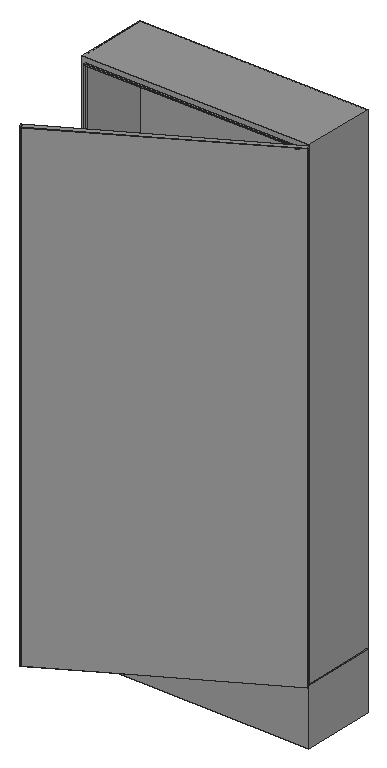
Revit family "Hager-Univers-IP55-D275-H1900-Cl.II-Steel_encl-NoHosted-PL-en", category Equipement électrique, Revit 2020
Family settings
  Configuration du panneau = Deux colonnes, circuits au sein
  Cote de connecteur circulaire = Utiliser le diamètre
  Type d'élément = Tableau de raccordement
  Basée sur le plan de construction = Oui
  Toujours verticalement = Oui
  Couper avec des vides une fois chargée = Non
  Partagée = Non
  Point de calcul de pièce = Non
Parameters (values of type "Floor installation IP55 W800 H1900 D275  - FR13S2")
  Width Control [instance] = if([EF000008 - Width] > Min Width, [EF000008 - Width], Min Width)  # 800 mm
  Commentaires du type = [HG000003 - Range]  # "Univers"
  Thickness Door [instance] = if([EF009171 - Material plate thickness door/cover] > 3 mm, 3 mm, [EF009171 - Material plate thickness door/cover])  # 1.5 mm
  Seal Frame Offset [instance] = 17 mm  # constant formula
  Plinth Visibility [instance] = [HG000027 - Plinth height] > 0 mm  # yes
  Min Width [instance] = 100 mm  # constant formula
  Min Depth [instance] = (2 * [EF009170 - Material plate thickness cabinet]) + 1 mm  # 4 mm
  Min Height [instance] = 100 mm  # constant formula
  Internal Frame Depth [instance] = (Door System Depth * 0.5)  # 9 mm
  Panel Name [instance] = ""  # (empty or 0)
  Model = ""
  HG000027 - Plinth height = 200 mm
  HG000026 - Floor standing = yes
  HG000024 - Bottom section height = 600 mm
  HG000023 - Double section enclosure = no
  HG000016 - Door 3d visibility [instance] = yes
  HG000015 - Clearance visibility [instance] = no
  HG000014 - Door on the right [instance] = yes
  HG000013 - Door on the left [instance] = not([HG000014 - Door on the right])  # no
  HG000012 - Door swing angle [instance] = 30.00°
  HG000010 - Asymmetric doors = no
  HG000009 - Double swing door = no
  HG000006 - Flush mounted = no
  HG000004 - Manufacturer reference = "FR13S2"
  HG000003 - Range = "Univers"
  HG000002 - With door or cover = yes
  Frame Offset Bottom [instance] = 10 mm  # constant formula
  Frame Offset [instance] = 15 mm  # constant formula
  EF015940 - Cover with overpressure release = no
  EF011959 - Degree of protection (NEMA) = ""
  EF009554 - Number of openings for flange plates = 6
  EF009212 - Cover model = "EV000116 - Closed"
  EF009171 - Material plate thickness door/cover = 1.5 mm
  EF009170 - Material plate thickness cabinet = 1.5 mm
  EF008873 - Nominal current (In) = 800 A
  EF007800 - Suitable for lightning protection = no
  EF006306 - With lock = no
  EF006244 - Transparent cover/door = no
  EF005474 - Degree of protection (IP) = "EV006420 - IP55"
  EF004464 - Type of door = "EV002646 - Single"
  EF004427 - Number of modules = 396
  EF004293 - Impact strength = "EV008784 - IK10"
  EF003532 - Suitable for outdoor use = no
  EF002950 - Width in number of modular spacings = 24
  EF001613 - Circuit integrity = "EV000494 - None"
  EF001596 - Material housing = "EV000179 - Steel"
  EF001131 - Internal depth = 275 mm
  EF001088 - Extension possible = yes
  EF000437 - Number of conduit inlets = 6
  EF000339 - Type of cover = "EV004216 - Door"
  EF000266 - Number of rows = 11
  EF000218 - Built-in depth = 0 mm
  EF000118 - With mounting plate = no
  EF000116 - RAL-number = "7035"
  EF000049 - Depth = 275 mm
  EF000040 - Height = 1900 mm
  EF000008 - Width = 800 mm
  EF000007 - Colour = "EV000270 - Grey"
  EF000003 - Mounting method = "EV012274 - Floor installation"
  Door System Leaf Tolerance [instance] = 1.5 mm  # constant formula
  Door System Depth [instance] = 18 mm  # constant formula
  Door Height [instance] = Height Control - [HG000027 - Plinth height]  # 1700 mm
  Description = ""
  Default Elevation = 1219.2 mm
  Connector Offset [instance] = Height Control / 2  # 950 mm
  Fabricant = "Hager"  # constant formula
  Height Control [instance] = if([EF000040 - Height] > Min Height, [EF000040 - Height], Min Height)  # 1900 mm
  Depth Control [instance] = if([EF000049 - Depth] > Min Depth, [EF000049 - Depth], Min Depth)  # 275 mm
  Bottom Top Plate Trim [instance] = 1.5 mm  # constant formula
  Plinth height Ctrl [instance] = if([HG000027 - Plinth height] > 0 mm, [HG000027 - Plinth height], 12 mm)  # 200 mm
Types (5, lengths in mm): name | Width Control | HG000010 - Asymmetric doors | HG000009 - Double swing door | HG000004 - Manufacturer reference | EF009554 - Number of openings for flange plates | EF004464 - Type of door | EF004427 - Number of modules | EF000437 - Number of conduit inlets | EF000008 - Width
  Floor installation IP55 W1050 H1900 D275  - FR14S2 | 1050 | yes | yes | "FR14S2" | 8 | "EV003602 - Double" | 528 | 8 | 1050
  Floor installation IP55 W1300 H1900 D275  - FR15S2 | 1300 | yes | yes | "FR15S2" | 10 | "EV003602 - Double" | 660 | 10 | 1300
  Floor installation IP55 W300 H1900 D275  - FR11S2 | 300 | no | no | "FR11S2" | 2 | "EV002646 - Single" | 132 | 2 | 300
  Floor installation IP55 W550 H1900 D275  - FR12S2 | 550 | no | no | "FR12S2" | 4 | "EV002646 - Single" | 264 | 4 | 550
  Floor installation IP55 W800 H1900 D275  - FR13S2 | 800 | no | no | "FR13S2" | 6 | "EV002646 - Single" | 396 | 6 | 800
Reference planes
  plane 1 "Center (Front/Back)": y = 0
  plane 2: z = 0
  plane 3 "Center (Left/Right)": x = 0
  plane 4: y = 0
  plane 5: y = 0
  plane 6: z = 0
  plane 7: x = -400
  plane 8: x = 400
  plane 9: x = 398.5
  plane 10: x = -398.5
  plane 11: z = 200
  plane 12: z = 201.5
  plane 13: y = -275
  plane 14: y = -1.5
  plane 15: x = 0
  plane 16: y = -257
  plane 17: y = -273.5
  plane 18: y = -255.5
  plane 19: x = -383.5
  plane 20: x = 383.5
  plane 21: z = 211.5
  plane 22: x = -383
  plane 23: x = 383
  plane 24: z = 200
  plane 25: z = 1900
  plane 26: z = 1900
  plane 27: z = 1883.5
  plane 28: z = 1898.5
Forms (mm)
  Extrusion 1, solid, material "Hager_Steel_RAL7035_Light_Grey", detail levels medium+fine
    sketch origin (-208.679, -4572, 200) x (-1, 0, 0) y (0, -1, 0)
      loop
        line (191.321, -4315) -> (-608.679, -4315) -> (-608.679, -4572) -> (191.321, -4572) -> (191.321, -4315)
    from 0 to 1700
  Extrusion 2, void
    sketch origin (-350.771, -275, 1219.2) x (1, 0, 0) y (0, 0, 1)
      loop
        line (-47.729, 679.3) -> (-47.729, -1017.7) -> (749.271, -1017.7) -> (749.271, 679.3) -> (-47.729, 679.3)
    from -19.5 to -273.5
  Extrusion 3, void
    sketch origin (-290.084, -257, 1219.2) x (1, 0, 0) y (0, 0, 1)
      loop
        line (-93.416, -1007.7) -> (673.584, -1007.7) -> (673.584, 664.3) -> (-93.416, 664.3) -> (-93.416, -1007.7)
    from 0 to -1.5
  Extrusion 4, solid, material "Hager_Steel_RAL7035_Light_Grey", visible <- "Plinth Visibility", detail levels medium+fine
    sketch origin (0, 0, 0) x (1, 0, 0) y (0, 1, 0)
      loop
        line (-400, 0) -> (-400, -257) -> (400, -257) -> (400, 0) -> (-400, 0)
    from 0 to 200 <- "Plinth height Ctrl"
  Extrusion 5, solid, material "Hager_Steel_RAL7035_Light_Grey", detail levels coarse
    sketch origin (0, 0, 0) x (1, 0, 0) y (0, 1, 0)
      loop
        line (-400, 0) -> (-400, -275) -> (400, -275) -> (400, 0) -> (-400, 0)
    from 0 to 1900 <- "Height Control"
  Sweep 6, void
    path in 3D
      loop
        line (-400, -257, 200) -> (400, -257, 200) -> (400, 0, 200) -> (-400, 0, 200) -> (-400, -257, 200)
    profile origin (-400, -128.5, 200) x (1, 0, 0) y (0, 0, 1)
      loop
        line (0, 0) -> (0, -1.5) -> (1.5, -1.5)
        arc (1.5, -1.5) -> (1.061, -0.439) -> (0, 0) r 1.5
  Extrusion 7, solid, material "Hager_Steel_RAL7035_Light_Grey", detail levels fine
    sketch origin (-400, -257, 200) x (1, 0, 0) y (0, 0, 1)
      loop
        line (16.5, 11.5) -> (783.5, 11.5) -> (783.5, 1683.5) -> (16.5, 1683.5) -> (16.5, 11.5)
      loop
        line (15, 10) -> (785, 10) -> (785, 1685) -> (15, 1685) -> (15, 10)
    from 0 to 9 <- "Internal Frame Depth"
Cuts and joins
  Extrusion 2, Extrusion 3 cuts Extrusion 1
  Sweep 6 cuts Extrusion 4
Lines and regions (mm)
  Masking region 1
    outline origin (0, 0, 0) x (1, 0, 0) y (0, 1, 0)
      loop
        line (-400, 0) -> (-400, -275) -> (400, -275) -> (400, 0) -> (-400, 0)
  Masking region 2, detail levels coarse
    outline origin (-290.084, -257, 1219.2) x (-1, 0, 0) y (0, 0, 1)
      loop
        line (-690.084, -1219.2) -> (109.916, -1219.2) -> (109.916, 680.8) -> (-690.084, 680.8) -> (-690.084, -1219.2)
  Masking region 3, detail levels coarse
    outline origin (0, 0, 0) x (0, 1, 0) y (0, 0, 1)
      loop
        line (0, 0) -> (0, 1900) -> (-275, 1900) -> (-275, 0) -> (0, 0)
  Masking region 4, visible <- "Plinth Visibility", detail levels medium+fine
    outline origin (0, 0, 0) x (0, 1, 0) y (0, 0, 1)
      loop
        line (-1.5, 200) -> (-255.5, 200)
        arc (-255.5, 200) -> (-255.939, 198.939) -> (-257, 198.5) r 1.5
        line (-257, 198.5) -> (-257, 0) -> (0, 0) -> (0, 198.5)
        arc (0, 198.5) -> (-1.061, 198.939) -> (-1.5, 200) r 1.5
  Masking region 5, detail levels medium+fine
    outline origin (0, 0, 594.038) x (0, 1, 0) y (0, 0, 1)
      loop
        line (0, -394.038) -> (0, 1305.962) -> (-257, 1305.962) -> (-257, -394.038) -> (0, -394.038)
  Masking region 6, detail levels medium+fine
    outline origin (-359.7, -257, 1211.883) x (-1, 0, 0) y (0, 0, 1)
      loop
        line (-759.7, -1011.883) -> (40.3, -1011.883) -> (40.3, 688.117) -> (-759.7, 688.117) -> (-759.7, -1011.883)
  Masking region 7, visible <- "Plinth Visibility", detail levels medium+fine
    outline origin (-320.334, -257, 1041.368) x (-1, 0, 0) y (0, 0, 1)
      loop
        line (-720.334, -1041.368) -> (79.666, -1041.368) -> (79.666, -842.868)
        arc (79.666, -842.868) -> (78.606, -842.429) -> (78.166, -841.368) r 1.5
        line (78.166, -841.368) -> (-718.834, -841.368)
        arc (-718.834, -841.368) -> (-719.273, -842.429) -> (-720.334, -842.868) r 1.5
        line (-720.334, -842.868) -> (-720.334, -1041.368)
  sketch lines
    curve 1: line (-400, 0, 200) -> (-400, -257, 200)
    curve 2: line (-400, -257, 200) -> (400, -257, 200)
    curve 3: line (400, 0, 200) -> (-400, 0, 200)
    curve 4: line (400, -257, 200) -> (400, 0, 200)
Dimensions and locks
  locked: plane 1 "Center (Front/Back)" to plane 5
  "EF009170 - Material plate thickness cabinet": plane 7 to plane 10
  "EF009170 - Material plate thickness cabinet": plane 8 to plane 9
  equal spacing: plane 7, plane 3 "Center (Left/Right)", plane 8
  "Width Control": plane 7 to plane 8
  "Depth Control": plane 4 to plane 13
  "EF009170 - Material plate thickness cabinet": plane 4 to plane 14
  "Height Control": plane 25 to level
  "HG000027 - Plinth height": plane 11 to level
  "EF009170 - Material plate thickness cabinet": plane 12 to plane 11
  "EF009170 - Material plate thickness cabinet": plane 17 to plane 13
  "EF009170 - Material plate thickness cabinet": plane 18 to plane 16
  "Frame Offset Bottom": plane 21 to plane 12
  "Frame Offset": plane 10 to plane 19
  "Frame Offset": plane 9 to plane 20
  "Door System Depth": plane 16 to plane 13
  "Seal Frame Offset": plane 7 to plane 22
  "Seal Frame Offset": plane 8 to plane 23
  "EF009170 - Material plate thickness cabinet": plane 26 to plane 28
  "Frame Offset": plane 28 to plane 27
  "Connector Offset": plane 2 to connector elem
  "Bottom Top Plate Trim": profile plane to Sweep 6 sketch curve
  "Bottom Top Plate Trim": Sweep 6 sketch curve to Sweep 6 sketch curve
  "Plinth height Ctrl": Masking region 4 sketch curve to level
  "Plinth height Ctrl": Masking region 7 sketch curve to level
  "Thickness Door": Extrusion 7 sketch curve to Extrusion 7 sketch curve  (x4)
  "Bottom Top Plate Trim": radius of Sweep 6 sketch curve
  "Bottom Top Plate Trim": radius of Masking region 4 sketch curve  (x2)
  "Bottom Top Plate Trim": radius of Masking region 7 sketch curve  (x2)
  aligned and locked: Extrusion 2 sketch curve to plane 12
  aligned and locked: Extrusion 2 sketch curve to plane 9
  aligned and locked: Extrusion 2 sketch curve to plane 10
  aligned and locked: Extrusion 2 to plane 14
  aligned and locked: Extrusion 1 sketch curve to plane 4
  aligned and locked: plane 8 to Extrusion 1 sketch curve
  aligned and locked: plane 7 to Extrusion 1 sketch curve
  aligned and locked: Extrusion 2 to plane 18
  aligned and locked: Extrusion 3 sketch curve to plane 19
  aligned and locked: plane 20 to Extrusion 3 sketch curve
  aligned and locked: Extrusion 3 to Extrusion 2
  aligned and locked: Extrusion 3 sketch curve to plane 21
  aligned and locked: plane 3 "Center (Left/Right)" to nested 1
  aligned and locked: Extrusion 1 sketch curve to plane 16
  aligned and locked: Extrusion 4 sketch curve to cut or joined group of Extrusion 1, Extrusion 2, Extrusion 3
  aligned and locked: Masking region 1 sketch curve to plane 7
  aligned and locked: Masking region 1 sketch curve to plane 5
  aligned and locked: Masking region 1 sketch curve to plane 8
  aligned and locked: Masking region 2 sketch curve to level
  aligned and locked: level to Masking region 3 sketch curve
  aligned and locked: plane 1 "Center (Front/Back)" to Masking region 3 sketch curve
  aligned and locked: plane 13 to Masking region 3 sketch curve
  aligned and locked: plane 5 to Masking region 4 sketch curve
  aligned and locked: Masking region 2 sketch curve to plane 8
  aligned and locked: Masking region 2 sketch curve to plane 7
  aligned and locked: plane 7 to nested 2
  aligned and locked: nested 2 to plane 5
  aligned and locked: plane 5 to Masking region 5 sketch curve
  aligned and locked: plane 26 to Masking region 5 sketch curve
  aligned and locked: Extrusion 5 sketch curve to plane 8
  aligned and locked: Extrusion 5 sketch curve to plane 7
  aligned and locked: Extrusion 5 sketch curve to plane 5
  aligned and locked: Extrusion 3 sketch curve to plane 27
  aligned and locked: Extrusion 2 sketch curve to plane 28
  aligned and locked: Masking region 2 to plane 25
  aligned and locked: Extrusion 4 to plane 16
  aligned and locked: profile plane to Sweep 6 sketch curve
  aligned and locked: Masking region 5 sketch curve to plane 24
  aligned and locked: level to Masking region 4 sketch curve
  aligned and locked: Masking region 1 to plane 13
  aligned and locked: nested 1 to plane 16
  aligned and locked: Masking region 3 to plane 25
  aligned and locked: plane 16 to Masking region 4 sketch curve
  aligned and locked: Masking region 5 sketch curve to plane 16
  aligned and locked: plane 24 to plane 11
  aligned and locked: plane 26 to plane 25
  aligned and locked: plane 26 to cut or joined group of Extrusion 1, Extrusion 2, Extrusion 3
  aligned and locked: nested 1 to plane 24
  aligned and locked: Extrusion 1 to Extrusion 3
  aligned and locked: Masking region 6 sketch curve to plane 8
  aligned and locked: Masking region 6 sketch curve to plane 24
  aligned and locked: Masking region 6 sketch curve to plane 7
  aligned and locked: Masking region 6 sketch curve to plane 26
  aligned and locked: Masking region 7 sketch curve to plane 7
  aligned and locked: level to Masking region 7 sketch curve
  aligned and locked: Masking region 7 sketch curve to plane 8
  aligned and locked: Extrusion 7 sketch curve to cut or joined group of Extrusion 1, Extrusion 2, Extrusion 3  (x4)
Automatic sketch dimensions
  plane 19 to Extrusion 3 sketch curve = 0 mm
  Extrusion 3 sketch curve to plane 20 = 0 mm
  Extrusion 3 sketch curve to plane 21 = 0 mm
  Extrusion 4 sketch curve to plane 7 = 0 mm
  Extrusion 4 sketch curve to plane 8 = 0 mm
  Extrusion 4 sketch curve to plane 16 = 0 mm
  Masking region 1 sketch curve to plane 13 = 0 mm
  Masking region 2 sketch curve to plane 25 = 0 mm
  Masking region 3 sketch curve to plane 25 = 0 mm
  Extrusion 5 sketch curve to plane 13 = 0 mm
  profile plane to Sweep 6 sketch curve = 0 mm
Nested families
  nested 1: "EC000058_Univers_Door" at (0, -257, 200), Double <- "HG000009 - Double swing door", Transparent <- "EF006244 - Transparent cover/door", Angle <- "HG000012 - Door swing angle", Door_Right <- "HG000014 - Door on the right", Assymetrical <- "HG000010 - Asymmetric doors", Door <- "HG000002 - With door or cover", Width_Ctrl <- "Width Control", 3d_Door <- "HG000016 - Door 3d visibility", Clearance <- "HG000015 - Clearance visibility", Door_Left <- "HG000013 - Door on the left", Width <- "Width Control", Door_Depth <- "Door System Depth", Leaf_Tolerance <- "Door System Leaf Tolerance", Height <- "Door Height", Lock_Visibility <- "EF006306 - With lock", Thickness <- "Thickness Door", type "EC000058_Univers_Door", detail levels medium+fine
    with min_wh 4 mm, Width_Ctrl 800 mm, Width 800 mm, Transparent no, Thickness 1.5 mm, Seal_Material Hager_Rubber, Lock_Visibility no, Lock_Material Hager_Plastic_RAL9005_Jet_Black, Leaf_Width 800 mm, Leaf_Tolerance_External_Sides 0 mm, Leaf_Tolerance 1.5 mm, Leaf_Offset 0 mm, Leaf_Height 1697 mm, Leaf_2_Width 800 mm, Leaf_2_Offset 400 mm, Leaf_1_Width 800 mm, Leaf_1_Offset 400 mm, Height_Ctrl 1700 mm, Height 1700 mm, Glass_Material Hager_Glass, Double_Clearance_Ctrl no, Double no, Door_Right_Ctrl yes, Door_Right yes, Door_Material Hager_Steel_RAL7035_Light_Grey, Door_Left_Ctrl no, Door_Left no, Door_Depth 18 mm, Door yes, Clearance_Material Hager_Clearance, Clearance_Depth 800 mm, Clearance_Ctrl no, Clearance no, Assymetrical no, Angle 30.00°, 3d_Door yes
  nested 2: "Hager_Enclosure_Symbol" at (-400, 0, 0), Height <- "Depth Control", Width <- "Width Control", type "Hager_Enclosure_Symbol"
    with Width_Ctrl 800 mm, Width 800 mm, Height_Ctrl 275 mm, Height 275 mm, A_Width_Int 18.047 mm, A_Width 216.562 mm, A_Height_Ctrl 240.625 mm, A_Height 240.625 mm
Connectors
  electrical at (0, 0, 950)
    settings: on plane 1 "Center (Front/Back)", index 1, voltage 0 V, apparent load 0 VA, apparent load phase1 0 VA, apparent load phase2 0 VA, apparent load phase3 0 VA, power factor 1, load classification "Other", number of poles 1, system type 30, power factor state 1, is connector primary yes, connector utility no, sub classification motor no, connector description ""
Definition of nested family "EC000058_Univers_Door"
  Parameters (values of type "EC000058_Univers_Door")
    min_wh [instance] = (2 * Thickness) + 1 mm  # 11 mm
    Width_Ctrl [instance] = 400 mm
    Width [instance] = 500 mm
    Transparent [instance] = yes
    Thickness [instance] = 5 mm
    Seal_Material [instance] = none
    Lock_Visibility [instance] = yes
    Lock_Material [instance] = none
    Leaf_Width [instance] = if((Width_Ctrl - 2 * Leaf_Tolerance_External_Sides) > 0 mm, (Width_Ctrl - 2 * Leaf_Tolerance_External_Sides), min_wh)  # 400 mm
    Leaf_Tolerance_External_Sides [instance] = 0 mm  # constant formula
    Leaf_Tolerance [instance] = 1.5 mm
    Leaf_Offset [instance] = 0 mm  # constant formula
    Leaf_Height [instance] = if((Height_Ctrl - 2 * Leaf_Tolerance) > 0 mm, (Height_Ctrl - 2 * Leaf_Tolerance), min_wh)  # 497 mm
    Leaf_2_Width [instance] = if(and(and(Double, Assymetrical), Door_Left), (Leaf_Width / 3) - (Leaf_Tolerance / 2), if(and(and(Double, Assymetrical), Door_Right), (Leaf_Width / 3) * 2 - (Leaf_Tolerance / 2), if(and(Double, not(Assymetrical)), (Leaf_Width / 2) - Leaf_Tolerance, Leaf_Width)))  # 400 mm
    Leaf_2_Offset [instance] = if(and(Double, Assymetrical), Leaf_2_Width / 2, if(and(Double, not(Assymetrical)), Leaf_Width / 4, Leaf_Width / 2))  # 200 mm
    Leaf_1_Width [instance] = if(and(and(Double, Assymetrical), Door_Right), (Leaf_Width / 3) - (Leaf_Tolerance / 2), if(and(and(Double, Assymetrical), Door_Left), (Width / 3) * 2 - (Leaf_Tolerance / 2), if(and(Double, not(Assymetrical)), (Leaf_Width / 2) - Leaf_Tolerance, Leaf_Width)))  # 400 mm
    Leaf_1_Offset [instance] = if(and(Double, Assymetrical), Leaf_1_Width / 2, if(and(Double, not(Assymetrical)), Leaf_Width / 4, Leaf_Width / 2))  # 200 mm
    Height_Ctrl [instance] = if(Height > min_wh, Height, min_wh)  # 500 mm
    Height [instance] = 500 mm
    Glass_Material [instance] = none
    Double_Clearance_Ctrl [instance] = and(Double, Clearance)  # no
    Double [instance] = no
    Door_Right_Ctrl [instance] = and(or(Door_Right, Double), Door)  # yes
    Door_Right [instance] = yes
    Door_Material [instance] = none
    Door_Left_Ctrl [instance] = and(or(Door_Left, Double), Door)  # no
    Door_Left [instance] = no
    Door_Depth [instance] = 30 mm
    Door [instance] = yes
    Default Elevation = 1219.2 mm
    Clearance_Material [instance] = none
    Clearance_Depth [instance] = if(Leaf_1_Width > Leaf_2_Width, Leaf_1_Width, Leaf_2_Width)  # 400 mm
    Clearance_Ctrl [instance] = and(not(Double), Clearance)  # yes
    Clearance [instance] = yes
    Assymetrical [instance] = yes
    Angle [instance] = 30.00°
    3d_Door [instance] = yes
  Reference planes
    plane 1 "Center (Front/Back)": y = 0
    plane 2 "Bottom": z = 0
    plane 3 "Center (Left/Right)": x = 0
    plane 4: z = 500
    plane 5: x = -200
    plane 6: x = 200
    plane 7: z = 500
    plane 8: x = -200
    plane 9: z = 0
    plane 10: x = 200
    plane 11: y = 0
    plane 12: z = 1.5
    plane 13: x = -600
    plane 14: y = -400
    plane 15: x = 600
    plane 16: x = 0
    plane 17: x = 0
    plane 18: x = -200
    plane 19: x = 200
    plane 20: z = 498.5
  Forms (mm)
    Extrusion 1, solid, material <- "Clearance_Material", visible <- "Double_Clearance_Ctrl"
      sketch origin (1200, 0, 0) x (1, 0, 0) y (0, 0, -1)
        loop
          line (-1800, -498.5) -> (-600, -498.5) -> (-600, 0) -> (-1800, 0) -> (-1800, -498.5)
      from 0 to -400
  Dimensions and locks
    equal spacing: plane 5, plane 3 "Center (Left/Right)", plane 6
    "Width_Ctrl": plane 5 to plane 6
    "Leaf_Offset": plane 5 to plane 8
    "Leaf_Offset": plane 6 to plane 10
    "Leaf_Offset": plane 9 to level
    "Leaf_Offset": plane 4 to plane 7
    "Height_Ctrl": plane 4 to level
    "Leaf_Tolerance": plane 12 to plane 9
    locked: plane 11 to plane 1 "Center (Front/Back)"
    "Leaf_1_Offset": plane 18 to plane 16
    "Leaf_2_Offset": plane 17 to plane 19
    "Leaf_1_Width": plane 13 to plane 8
    "Leaf_2_Width": plane 10 to plane 15
    "Clearance_Depth": plane 14 to plane 1 "Center (Front/Back)"
    "Leaf_Tolerance_External_Sides": plane 8 to plane 18
    "Leaf_Tolerance_External_Sides": plane 19 to plane 10
    "Leaf_Tolerance": plane 7 to plane 20
    aligned and locked: level to plane 2 "Bottom"
    aligned and locked: nested 1 to plane 16
    aligned and locked: nested 2 to plane 17
    aligned and locked: Extrusion 1 to plane 13
    aligned and locked: plane 15 to Extrusion 1
    aligned and locked: Extrusion 1 to plane 14
    aligned and locked: plane 12 to nested 1
    aligned and locked: nested 2 to plane 12
    aligned and locked: Extrusion 1 to plane 11
    aligned and locked: plane 20 to Extrusion 1
    aligned and locked: nested 2 to plane 11
    aligned and locked: nested 1 to plane 11
  Automatic sketch dimensions
    Extrusion 1 sketch curve to level = 0 mm
    plane 5 to Extrusion 1 sketch curve = 400 mm
    plane 6 to Extrusion 1 sketch curve = 400 mm
    Extrusion 1 sketch curve to plane 4 = 1.5 mm
  Nested families
    nested 1: "EC000058_Univers_Door_Leaf" at (0, 0, 1.5), Width <- "Leaf_1_Width", visible <- "Door_Left_Ctrl", Leaf_Height <- "Leaf_Height", Angle <- "Angle", 3d_Door <- "3d_Door", Transparent <- "Transparent", Clearance Material <- "Clearance_Material", Clearance <- "Clearance_Ctrl", Door_Material <- "Door_Material", Glass_Material <- "Glass_Material", Door_Depth <- "Door_Depth", Lock_Material <- "Lock_Material", Seal_Material <- "Seal_Material", Lock_Visibility <- "Lock_Visibility", Thickness <- "Thickness", type "EC000058_Univers_Door_Leaf"
      with Width 400 mm, Transparent_Glass_Offset 30 mm, Transparent_Ctrl yes, Transparent yes, Thickness 5 mm, Standard no, Seal_Material none, Seal_D2 8 mm, Seal_D1 1 mm, Offset_Internal_Frame 10 mm, Lock_Width 20 mm, Lock_Visibility_3d yes, Lock_Visibility yes, Lock_Thickness_3 3 mm, Lock_Thickness_2 1 mm, Lock_Thickness_1 3 mm, Lock_Radius_Offset_2 16 mm, Lock_Radius_Offset_1 15 mm, Lock_Radius_2 5 mm, Lock_Radius 6 mm, Lock_Offset 5 mm, Lock_Material none, Lock_Height 80 mm, Lock_Cover_Top_Offset_2d 17 mm, Lock_Cover_Height -65 mm, Leaf_Height 497 mm, Internal_Seal_Thickness 8 mm, Internal_Seal_Depth_2 4.5 mm, Internal_Frame_Depth 25 mm, Glass_Thickness -1 mm, Glass_Offset -2 mm, Glass_Material none, Door_Material none, Door_Depth 30 mm, Clearance Material none, Clearance yes, Angle_Ctrl 30.00°, Angle 30.00°, 3d_Door yes
    nested 2: "EC000058_Univers_Door_Leaf" at (0, 0, 1.5) x (-1, 0, 0) z (0, 0, 1), Width <- "Leaf_2_Width", visible <- "Door_Right_Ctrl", Leaf_Height <- "Leaf_Height", Angle <- "Angle", 3d_Door <- "3d_Door", Transparent <- "Transparent", Clearance Material <- "Clearance_Material", Clearance <- "Clearance_Ctrl", Door_Material <- "Door_Material", Glass_Material <- "Glass_Material", Door_Depth <- "Door_Depth", Lock_Material <- "Lock_Material", Seal_Material <- "Seal_Material", Lock_Visibility <- "Lock_Visibility", Thickness <- "Thickness", type "EC000058_Univers_Door_Leaf"
      with Width 400 mm, Transparent_Glass_Offset 30 mm, Transparent_Ctrl yes, Transparent yes, Thickness 5 mm, Standard no, Seal_Material none, Seal_D2 8 mm, Seal_D1 1 mm, Offset_Internal_Frame 10 mm, Lock_Width 20 mm, Lock_Visibility_3d yes, Lock_Visibility yes, Lock_Thickness_3 3 mm, Lock_Thickness_2 1 mm, Lock_Thickness_1 3 mm, Lock_Radius_Offset_2 16 mm, Lock_Radius_Offset_1 15 mm, Lock_Radius_2 5 mm, Lock_Radius 6 mm, Lock_Offset 5 mm, Lock_Material none, Lock_Height 80 mm, Lock_Cover_Top_Offset_2d 17 mm, Lock_Cover_Height -65 mm, Leaf_Height 497 mm, Internal_Seal_Thickness 8 mm, Internal_Seal_Depth_2 4.5 mm, Internal_Frame_Depth 25 mm, Glass_Thickness -1 mm, Glass_Offset -2 mm, Glass_Material none, Door_Material none, Door_Depth 30 mm, Clearance Material none, Clearance yes, Angle_Ctrl 30.00°, Angle 30.00°, 3d_Door yes
  Definition of nested family "EC000058_Univers_Door_Leaf"
    Parameters (values of type "EC000058_Univers_Door_Leaf")
      Width [instance] = 2000 mm
      Transparent_Glass_Offset [instance] = 30 mm
      Transparent_Ctrl [instance] = and(Transparent, [3d_Door])  # yes
      Transparent [instance] = yes
      Thickness [instance] = 5 mm
      Standard [instance] = and(not(Transparent), [3d_Door])  # no
      Seal_Material [instance] = none
      Seal_D2 [instance] = 8 mm  # constant formula
      Seal_D1 [instance] = 1 mm  # constant formula
      Offset_Internal_Frame [instance] = 10 mm  # constant formula
      Lock_Width [instance] = 20 mm  # constant formula
      Lock_Visibility_3d [instance] = and(Lock_Visibility, [3d_Door])  # yes
      Lock_Visibility [instance] = yes
      Lock_Thickness_3 [instance] = 3 mm  # constant formula
      Lock_Thickness_2 [instance] = 1 mm  # constant formula
      Lock_Thickness_1 [instance] = 3 mm  # constant formula
      Lock_Radius_Offset_2 [instance] = Lock_Radius_Offset_1 + 1 mm  # 16 mm
      Lock_Radius_Offset_1 [instance] = 15 mm  # constant formula
      Lock_Radius_2 [instance] = Lock_Radius - 1 mm  # 5 mm
      Lock_Radius [instance] = 6 mm  # constant formula
      Lock_Offset [instance] = 5 mm  # constant formula
      Lock_Material [instance] = none
      Lock_Height [instance] = 80 mm  # constant formula
      Lock_Cover_Top_Offset_2d [instance] = Lock_Radius_Offset_2 + 1 mm  # 17 mm
      Lock_Cover_Height [instance] = -(Lock_Height - Lock_Radius_Offset_1)  # -65 mm
      Leaf_Height [instance] = 2720.336 mm
      Internal_Seal_Thickness [instance] = 8 mm  # constant formula
      Internal_Seal_Depth_2 [instance] = 4.5 mm  # constant formula
      Internal_Frame_Depth [instance] = if(Door_Depth - Thickness > 5 mm, Door_Depth - Thickness, 5 mm)  # 25 mm
      Glass_Thickness [instance] = if(Thickness > 15 mm, Glass_Offset + 10 mm, -1 mm)  # -1 mm
      Glass_Offset [instance] = if(Thickness > 15 mm, -(Thickness + 10 mm) / 2, -2 mm)  # -2 mm
      Glass_Material [instance] = none
      Door_Material [instance] = none
      Door_Depth [instance] = 30 mm
      Default Elevation = 0 mm
      Clearance Material [instance] = none
      Clearance [instance] = yes
      Angle_Ctrl [instance] = if(Angle > 180.00°, 180.00°, Angle)  # 90.00°
      Angle [instance] = 90.00°
      3d_Door [instance] = yes
    Reference planes
      plane 1 "Center (Front/Back)": y = 0
      plane 2: z = 0
      plane 3 "Center (Left/Right)": x = 0
      plane 4: y = 2000
      plane 5: x = -1000
      plane 6: x = 1000
      plane 7: x = -3000
      plane 8: z = 2720.336
      plane 9: z = 30
      plane 10: z = 2690.336
      plane 11: x = 970
      plane 12: x = -970
      plane 13: y = -3
      plane 14: z = 107.833
      plane 15: y = -5
      plane 16: y = -223.314
      plane 17: x = -1000
      plane 18: z = 1360.168
      plane 19: y = 30
    Forms (mm)
      Extrusion 1, solid, material <- "Clearance Material", visible <- "Clearance"
        sketch origin (0, 0, 0) x (1, 0, 0) y (0, 0, 1)
          loop
            line (-3000, 2720.336) -> (-3000, 0) -> (1000, 0) -> (1000, 2720.336) -> (-3000, 2720.336)
        from 0 to -2000
      Extrusion 2, solid, material <- "Door_Material", visible <- "Standard", detail levels medium+fine
        sketch origin (-1000, 0, 0) x (0, 1, 0) y (-1, 0, 0)
          loop
            line (0, 30) -> (0, 25) -> (2000, 25) -> (2000, 30) -> (0, 30)
        from 0 to 2720.336 <- "Leaf_Height"
      Extrusion 3, solid, material <- "Door_Material", visible <- "Transparent_Ctrl", detail levels medium+fine
        sketch origin (-1000, 0, 0) x (0, 1, 0) y (-1, 0, 0)
          loop
            line (0, 25) -> (2000, 25) -> (2000, 30) -> (0, 30) -> (0, 25)
        from 0 to 2720.336 <- "Leaf_Height"
      Extrusion 4, void
        sketch origin (-1025, 2000, 0) x (0, 1, 0) y (0, 0, -1)
          loop
            line (-30, -2690.336) -> (-30, -30) -> (-1970, -30) -> (-1970, -2690.336) -> (-30, -2690.336)
        from 0 to 5 <- "Thickness"
      Sweep 5, solid, material <- "Seal_Material", visible <- "Transparent_Ctrl", detail levels fine
        path in 3D
          loop
            line (-1025, 30, 30) -> (-1025, 30, 2690.336) -> (-1025, 1970, 2690.336) -> (-1025, 1970, 30) -> (-1025, 30, 30)
        profile origin (-1025, 1000, 30) x (1, 0, 0) y (0, 0, 1)
          loop
            line (0, 0) -> (0, -8) -> (1, -8) -> (1, 0) -> (0, 0)
      Extrusion 6, solid, material <- "Glass_Material", visible <- "Transparent_Ctrl", detail levels medium+fine
        sketch origin (-1030, 0, 0) x (0, 1, 0) y (0, 0, -1)
          loop
            line (1970, -2690.336) -> (1970, -30) -> (30, -30) -> (30, -2690.336) -> (1970, -2690.336)
        from -2 <- "Glass_Offset" to -1 <- "Glass_Thickness"
      Extrusion 7, solid, material <- "Door_Material", visible <- "3d_Door", detail levels medium+fine
        sketch origin (-1025, 2000, 0) x (0, -1, 0) y (0, 0, -1)
          loop
            line (0, -2720.336) -> (2000, -2720.336) -> (2000, 0) -> (0, 0) -> (0, -2720.336)
          loop
            line (1995, -5) -> (5, -5) -> (5, -2715.336) -> (1995, -2715.336) -> (1995, -5)
        from 0 to 25 <- "Internal_Frame_Depth"
      Sweep 8, solid, material <- "Seal_Material", visible <- "Transparent_Ctrl", detail levels fine
        path in 3D
          loop
            line (-1025, 0, 0) -> (-1025, 2000, 0) -> (-1025, 2000, 2720.336) -> (-1025, 0, 2720.336) -> (-1025, 0, 0)
        profile origin (-1025, 0, 1360.168) x (1, 0, 0) y (0, 1, 0)
          loop
            line (0, 10) -> (2.975, 10)
            arc (2.975, 10) -> (4.053, 10.447) -> (4.5, 11.525) r 1.525
            line (4.5, 11.525) -> (4.5, 16.527)
            arc (4.5, 16.527) -> (4.069, 17.569) -> (3.027, 18) r 1.473
            line (3.027, 18) -> (0, 18) -> (0, 10)
      Extrusion 9, solid, material <- "Lock_Material", visible <- "Lock_Visibility_3d", detail levels fine
        sketch origin (-1030, 0, 0) x (0, 1, 0) y (0, 0, -1)
          loop
            arc (1993.5, -1400.168) -> (1994.561, -1399.729) -> (1995, -1398.668) r 1.5
            line (1995, -1398.668) -> (1995, -1320.168) -> (1975, -1320.168) -> (1975, -1398.668)
            arc (1975, -1398.668) -> (1975.439, -1399.729) -> (1976.5, -1400.168) r 1.5
            line (1976.5, -1400.168) -> (1993.5, -1400.168)
        from 3 <- "Lock_Thickness_1" to 0
      Blend 10, solid, material <- "Lock_Material", visible <- "Lock_Visibility_3d", detail levels fine
        base sketch origin (-1033, 0, 0) x (0, 1, 0) y (0, 0, -1)
          loop
            line (1975, -1320.168) -> (1975, -1398.668)
            arc (1975, -1398.668) -> (1975.439, -1399.729) -> (1976.5, -1400.168) r 1.5
            line (1976.5, -1400.168) -> (1993.5, -1400.168)
            arc (1993.5, -1400.168) -> (1994.561, -1399.729) -> (1995, -1398.668) r 1.5
            line (1995, -1398.668) -> (1995, -1320.168) -> (1975, -1320.168)
        top sketch origin (-1033, 0, 0) x (0, 1, 0) y (0, 0, -1)
          loop
            line (1976, -1320.168) -> (1976, -1398.668)
            arc (1976, -1398.668) -> (1976.146, -1399.022) -> (1976.5, -1399.168) r 0.5
            line (1976.5, -1399.168) -> (1993.5, -1399.168)
            arc (1993.5, -1399.168) -> (1993.854, -1399.022) -> (1994, -1398.668) r 0.5
            line (1994, -1398.668) -> (1994, -1320.168) -> (1976, -1320.168)
        from 0 to 1 <- "Lock_Thickness_2"
      Blend 11, solid, material <- "Lock_Material", visible <- "Lock_Visibility_3d", detail levels fine
        base sketch origin (-1034, 0, 0) x (0, 1, 0) y (0, 0, -1)
          loop
            line (1978, -1320.168) -> (1978, -1384.168)
            arc (1978, -1384.168) -> (1985, -1391.168) -> (1992, -1384.168) r 7
            line (1992, -1384.168) -> (1992, -1320.168) -> (1978, -1320.168)
        top sketch origin (-1034, 0, 0) x (0, 1, 0) y (0, 0, -1)
          loop
            line (1991, -1320.168) -> (1979, -1320.168) -> (1979, -1383.168)
            arc (1979, -1383.168) -> (1985, -1389.168) -> (1991, -1383.168) r 6
            line (1991, -1383.168) -> (1991, -1320.168)
        from 0 to 3 <- "Lock_Thickness_3"
      Extrusion 12, solid, material <- "Lock_Material", visible <- "Lock_Visibility_3d", detail levels fine
        sketch origin (-1030, 1975, 1320.168) x (1, 0, 0) y (0, -1, 0)
          loop
            line (-7, -19) -> (-7, -1) -> (0, -1) -> (0, 0) -> (-8, 0) -> (-8, -20) -> (0, -20) -> (0, -19) -> (-7, -19)
        from 0 to -65 <- "Lock_Cover_Height"
      Extrusion 13, void
        sketch origin (-1038, 1995, 1320.168) x (-1, 0, 0) y (0, 0, -1)
          loop
            line (-5, -65) -> (0, -65) -> (-5, -60) -> (-5, -65)
        from 0 to 20 <- "Lock_Width"
      Extrusion 14, void
        sketch origin (-1038, 1975, 1320.168) x (0, -1, 0) y (0, 0, -1)
          loop
            circle (-10, -15.995) r 6
          loop
            circle (-10, -15.995) r 5
        from 0 to 2
      Extrusion 15, solid, material <- "Lock_Material", visible <- "Lock_Visibility_3d", detail levels medium
        sketch origin (-1030, 0, 0) x (0, 1, 0) y (0, 0, -1)
          loop
            arc (1993.5, -1400.168) -> (1994.561, -1399.729) -> (1995, -1398.668) r 1.5
            line (1995, -1398.668) -> (1995, -1320.168) -> (1975, -1320.168) -> (1975, -1398.668)
            arc (1975, -1398.668) -> (1975.439, -1399.729) -> (1976.5, -1400.168) r 1.5
            line (1976.5, -1400.168) -> (1993.5, -1400.168)
        from 8 to 0
    Cuts and joins
      Extrusion 4 cuts Extrusion 3
      Extrusion 13, Extrusion 14 cuts Extrusion 9
      Extrusion 14 cuts Blend 11
      Extrusion 13, Extrusion 14 cuts Extrusion 12
      joined: Extrusion 9, Blend 10, Blend 11, Extrusion 12
      Extrusion 14 cuts Extrusion 15
    Lines and regions (mm)
      Masking region 1, visible <- "Lock_Visibility", detail levels fine
        outline origin (0, 0, 0) x (0, 1, 0) y (0, 0, 1)
          loop
            line (30, 1320.168) -> (33, 1320.168) -> (33, 1400.168) -> (30, 1400.168) -> (30, 1320.168)
      Masking region 2, visible <- "Lock_Visibility", detail levels fine
        outline origin (0, 3.143, 0) x (0, 1, 0) y (0, 0, 1)
          loop
            line (29.857, 1354.168) -> (30.857, 1354.168) -> (30.857, 1366.168) -> (29.857, 1366.168) -> (29.857, 1354.168)
      Masking region 3, detail levels medium+fine
        outline origin (0, 0, 0) x (0, 1, 0) y (0, 0, 1)
          loop
            line (0, 0) -> (30, 0) -> (30, 2720.336) -> (0, 2720.336) -> (0, 0)
      Masking region 4, detail levels medium+fine
        outline origin (0, 0, 0) x (1, 0, 0) y (0, 0, 1)
          loop
            line (-1000, 2720.336) -> (-1000, 0) -> (1000, 0) -> (1000, 2720.336) -> (-1000, 2720.336)
      Masking region 5, visible <- "Lock_Visibility", detail levels fine
        outline origin (-47.116, 0, 0) x (1, 0, 0) y (0, 0, 1)
          loop
            arc (1024.616, 1399.168) -> (1023.556, 1398.729) -> (1023.116, 1397.668) r 1.5
            line (1023.116, 1397.668) -> (1023.116, 1320.168) -> (1041.116, 1320.168) -> (1041.116, 1397.668)
            arc (1041.116, 1397.668) -> (1040.677, 1398.729) -> (1039.616, 1399.168) r 1.5
            line (1039.616, 1399.168) -> (1024.616, 1399.168)
      Masking region 6, visible <- "Lock_Visibility", detail levels medium+fine
        outline origin (-25, 0, 0) x (1, 0, 0) y (0, 0, 1)
          loop
            arc (1001.5, 1400.168) -> (1000.439, 1399.729) -> (1000, 1398.668) r 1.5
            line (1000, 1398.668) -> (1000, 1320.168) -> (1020, 1320.168) -> (1020, 1398.668)
            arc (1020, 1398.668) -> (1019.561, 1399.729) -> (1018.5, 1400.168) r 1.5
            line (1018.5, 1400.168) -> (1001.5, 1400.168)
      Masking region 7, visible <- "Lock_Visibility", detail levels fine
        outline origin (-73.735, 0, 0) x (1, 0, 0) y (0, 0, 1)
          loop
            line (1051.735, 1382.168) -> (1065.735, 1382.168) -> (1065.735, 1384.168)
            arc (1065.735, 1384.168) -> (1058.735, 1391.168) -> (1051.735, 1384.168) r 7
            line (1051.735, 1384.168) -> (1051.735, 1382.168)
      Masking region 8, visible <- "Lock_Visibility", detail levels fine
        outline origin (-73.735, 0, 0) x (1, 0, 0) y (0, 0, 1)
          loop
            line (1052.735, 1382.168) -> (1064.735, 1382.168) -> (1064.735, 1383.168)
            arc (1064.735, 1383.168) -> (1058.735, 1389.168) -> (1052.735, 1383.168) r 6
            line (1052.735, 1383.168) -> (1052.735, 1382.168)
      Masking region 9, visible <- "Lock_Visibility", detail levels fine
        outline origin (-25, 0, 0) x (1, 0, 0) y (0, 0, 1)
          loop
            line (1020, 1320.168) -> (1020, 1382.168) -> (1000, 1382.168) -> (1000, 1320.168) -> (1020, 1320.168)
      Masking region 10, detail levels medium+fine
        outline origin (0, 0, 0) x (1, 0, 0) y (0, 0, 1)
          loop
            circle (985, 1335.144) r 6
      Masking region 11, detail levels fine
        outline origin (0, 0, 0) x (1, 0, 0) y (0, 0, 1)
          loop
            circle (985, 1335.144) r 5
      Masking region 12, visible <- "Lock_Visibility", detail levels fine
        outline origin (0, 12.767, 0) x (0, 1, 0) y (0, 0, 1)
          loop
            line (20.233, 1320.168) -> (21.233, 1320.168) -> (21.233, 1399.168) -> (20.233, 1400.168) -> (20.233, 1320.168)
      Masking region 13, visible <- "Lock_Visibility", detail levels fine
        outline origin (0, 13.767, -10) x (0, 1, 0) y (0, 0, 1)
          loop
            line (20.233, 1330.168) -> (23.233, 1330.168) -> (23.233, 1399.168) -> (20.233, 1402.168) -> (20.233, 1330.168)
      Masking region 14, visible <- "Lock_Visibility", detail levels fine
        outline origin (0, 12.767, -10) x (0, 1, 0) y (0, 0, 1)
          loop
            line (20.233, 1330.168) -> (25.233, 1330.168) -> (25.233, 1399.305) -> (20.233, 1394.305) -> (20.233, 1330.168)
      Masking region 15, visible <- "Lock_Visibility", detail levels medium
        outline origin (0, 0, 0) x (0, 1, 0) y (0, 0, 1)
          loop
            line (30, 1320.168) -> (38, 1320.168) -> (38, 1400.168) -> (30, 1400.168) -> (30, 1320.168)
      Masking region 16, visible <- "Lock_Visibility", detail levels fine
        outline origin (-1000, 0, 0) x (0, 1, 0) y (-1, 0, 0)
          loop
            line (1975, 30) -> (1995, 30) -> (1995, 38) -> (1975, 38) -> (1975, 30)
          loop
            line (1979, 37) -> (1976, 37) -> (1976, 34) -> (1978, 34) -> (1979, 37)
          loop
            line (1994, 37) -> (1991, 37) -> (1992, 34) -> (1994, 34) -> (1994, 37)
      Masking region 17, visible <- "Lock_Visibility", detail levels medium
        outline origin (-1000, 0, 0) x (0, 1, 0) y (-1, 0, 0)
          loop
            line (1975, 30) -> (1995, 30) -> (1995, 38) -> (1975, 38) -> (1975, 30)
      symbolic lines
        curve 1: line (1000, 0, 0) -> (-3000, 0, 0)
        curve 2: arc (1000, 0, 0) -> (-1000, 2000, 0) -> (-3000, 0, 0) r 2000
        curve 4: line (-1030, 0, 0) -> (-1030, 2000, 0)
      reference lines
        curve 3: line (-1000, 0, 0) -> (-1000, 2000, 0)
      symbolic lines, detail levels medium+fine
        curve 5: line (-1030, 2000, 0) -> (-1025, 2000, 0)
        curve 7: line (-1025, 0, 0) -> (-1030, 0, 0)
        curve 8: line (-1025, 0, 0) -> (-1000, 0, 0)
        curve 9: line (-1000, 0, 0) -> (-1000, 2000, 0)
        curve 10: line (-1000, 2000, 0) -> (-1025, 2000, 0)
      symbolic lines, detail levels fine
        curve 6: line (-1025, 2000, 0) -> (-1025, 0, 0)
      sketch lines
        curve 11: line (-1025, 0, 2720.336) -> (-1025, 0, 0)
        curve 12: line (-1025, 2000, 0) -> (-1025, 0, 0)
        curve 13: line (-1025, 2000, 2720.336) -> (-1025, 2000, 0)
        curve 14: line (-1025, 0, 2720.336) -> (-1025, 2000, 2720.336)
        curve 15: line (-1025, 1970, 30) -> (-1025, 30, 30)
        curve 16: line (-1025, 30, 30) -> (-1025, 30, 2690.336)
        curve 17: line (-1025, 1970, 2690.336) -> (-1025, 1970, 30)
        curve 18: line (-1025, 30, 2690.336) -> (-1025, 1970, 2690.336)
      symbolic lines, visible <- "Transparent", detail levels medium+fine
        curve 19: line (-970, 0, 2690.336) -> (970, 0, 2690.336)
        curve 20: line (-970, 0, 30) -> (-970, 0, 2690.336)
        curve 21: line (970, 0, 30) -> (-970, 0, 30)
        curve 22: line (970, 0, 2690.336) -> (970, 0, 30)
    Dimensions and locks
      "Width": plane 1 "Center (Front/Back)" to plane 4
      equal spacing: plane 5, plane 3 "Center (Left/Right)", plane 6
      "Width": plane 5 to plane 6
      "Width": plane 7 to plane 5
      "Leaf_Height": plane 8 to level
      "Width": curve 5 to curve 3
      "Width": curve 3 to curve 3
      plane 8 to plane 10 = 30 mm
      plane 9 to level = 30 mm
      plane 12 to plane 5 = 30 mm
      plane 6 to plane 11 = 30 mm
      Extrusion 1 to Extrusion 4 sketch curve = 30 mm
      "Transparent_Glass_Offset": curve 3 to Extrusion 4 sketch curve
      "Transparent_Glass_Offset": Extrusion 4 sketch curve to cut or joined group of Extrusion 3, Extrusion 4  (x2)
      cut or joined group of Extrusion 3, Extrusion 4 to Extrusion 6 sketch curve = 30 mm
      "Transparent_Glass_Offset": cut or joined group of Extrusion 3, Extrusion 4 to Extrusion 4 sketch curve
      "Thickness": curve 6 to curve 4
      "Thickness": Extrusion 7 sketch curve to Extrusion 7 sketch curve  (x4)
      "Door_Depth": curve 4 to curve 3
      "Offset_Internal_Frame": profile plane to Sweep 8 sketch curve
      "Internal_Seal_Thickness": Sweep 8 sketch curve to Sweep 8 sketch curve
      "Internal_Seal_Depth_2": profile plane to Sweep 8 sketch curve
      "Seal_D1": profile plane to Sweep 5 sketch curve
      "Seal_D2": profile plane to Sweep 5 sketch curve
      "Thickness": Extrusion 2 sketch curve to Extrusion 2 sketch curve
      equal spacing: Extrusion 9 sketch curve, plane 18, Extrusion 9 sketch curve  (x2)
      equal spacing: Masking region 1 sketch curve, plane 18, Masking region 1 sketch curve
      "Lock_Height": Masking region 1 sketch curve to Masking region 1 sketch curve
      "Lock_Radius": Masking region 2 sketch curve to plane 18 to Masking region 2 sketch curve
      Masking region 2 sketch curve to Masking region 1 = 1 mm
      "Door_Depth": plane 19 to plane 1 "Center (Front/Back)"
      "Lock_Thickness_1": Masking region 1 sketch curve to plane 19
      "Lock_Width": Extrusion 9 sketch curve to Extrusion 9 sketch curve
      "Lock_Height": Extrusion 9 sketch curve to Extrusion 9 sketch curve
      "Lock_Offset": cut or joined group of Extrusion 3, Extrusion 4 to Extrusion 9 sketch curve
      equal spacing: plane 8, plane 18, level
      "Lock_Radius_Offset_1": Blend 11 sketch curve to Blend 10
      locked: Blend 10 to Blend 11 sketch curve at 2  (x2)
      locked: var sketch to Blend 11 sketch curve at 1  (x2)
      "Lock_Radius_Offset_2": Blend 11 sketch curve to Blend 10
      locked: Extrusion 12 sketch curve to Extrusion 12 sketch curve at 1  (x3)
      Masking region 6 sketch curve to Masking region 6 sketch curve = 80 mm
      "Lock_Height": Masking region 6 sketch curve to Masking region 6 sketch curve
      "Lock_Width": Masking region 6 sketch curve to Masking region 6 sketch curve
      locked: Masking region 6 to Masking region 5 sketch curve at 1  (x3)
      locked: Masking region 5 to Masking region 7 sketch curve at 2  (x2)
      "Lock_Radius_Offset_1": Masking region 5 to Masking region 7 sketch curve
      "Lock_Radius_Offset_2": Masking region 5 to Masking region 8 sketch curve
      locked: Masking region 7 to Masking region 8 sketch curve at 1  (x2)
      "Lock_Cover_Top_Offset_2d": Masking region 5 to Masking region 9 sketch curve
      equal spacing: Masking region 9, Masking region 10 sketch curve, Masking region 9
      equal spacing: Masking region 9, Masking region 11 sketch curve, Masking region 9
      Extrusion 15 sketch curve to Extrusion 15 sketch curve = 80 mm
      "Lock_Width": Extrusion 15 sketch curve to Extrusion 15 sketch curve
      "Lock_Height": Extrusion 15 sketch curve to Extrusion 15 sketch curve
      equal spacing: Extrusion 15 sketch curve, plane 18, Extrusion 15 sketch curve
      "Lock_Thickness_3": Masking region 13 sketch curve to Masking region 13 sketch curve
      "Lock_Height": Masking region 12 sketch curve to Masking region 12 sketch curve
      locked: Masking region 13 sketch curve to Masking region 1 at 8
      locked: Masking region 14 sketch curve to Masking region 13 at 1
      locked: Masking region 14 sketch curve to Masking region 1 at 10.863
      "Lock_Height": Masking region 15 sketch curve to Masking region 15 sketch curve
      "Lock_Offset": Extrusion 15 sketch curve to cut or joined group of Extrusion 3, Extrusion 4
      "Lock_Offset": plane 6 to Masking region 6 sketch curve
      radius of Sweep 8 sketch curve = 1.525 mm
      radius of Sweep 8 sketch curve = 1.473 mm
      radius of Extrusion 9 sketch curve = 1.5 mm  (x2)
      "Lock_Radius": radius of Extrusion 14 sketch curve
      "Lock_Radius_2": radius of Extrusion 14 sketch curve
      "Lock_Radius": radius of Masking region 10 sketch curve
      "Lock_Radius_2": radius of Masking region 11 sketch curve
      radius of Extrusion 15 sketch curve = 1.5 mm  (x2)
      "Angle_Ctrl": angle plane 1 "Center (Front/Back)" to curve 3
      locked: Masking region 12 sketch curve to Masking region 12 sketch curve (angle 45.00°)
      locked: Masking region 13 sketch curve to Masking region 13 sketch curve (angle 45.00°)
      locked: Masking region 14 sketch curve to Masking region 14 sketch curve (angle 45.00°)
      aligned and locked: level to plane 2
      aligned and locked: Extrusion 1 to curve 1
      aligned and locked: plane 6 to Extrusion 1
      aligned and locked: Extrusion 1 to plane 1 "Center (Front/Back)"
      aligned and locked: plane 4 to Extrusion 1
      aligned and locked: plane 8 to Extrusion 1
      aligned and locked: curve 7 to Extrusion 2 sketch curve
      aligned and locked: curve 5 to Extrusion 2 sketch curve
      aligned and locked: curve 7 to Extrusion 3 sketch curve
      aligned and locked: Extrusion 3 sketch curve to curve 4
      aligned and locked: Extrusion 3 sketch curve to curve 6
      aligned and locked: Extrusion 3 sketch curve to curve 5
      aligned and locked: curve 9 to curve 3
      aligned and locked: Extrusion 7 sketch curve to cut or joined group of Extrusion 3, Extrusion 4  (x4)
      aligned and locked: plane 17 to curve 3
      aligned and locked: plane 1 "Center (Front/Back)" to curve 3
      aligned and locked: plane 17 to plane 5
      aligned and locked: Sweep 8 sketch curve to profile plane
      aligned and locked: Sweep 5 sketch curve to profile plane  (x2)
      aligned and locked: Masking region 1 to Masking region 2 sketch curve
      aligned and locked: plane 19 to Masking region 1 sketch curve
      aligned and locked: plane 1 "Center (Front/Back)" to Masking region 3 sketch curve
      aligned and locked: plane 19 to Masking region 3 sketch curve
      aligned and locked: level to Masking region 3 sketch curve
      aligned and locked: Masking region 3 sketch curve to plane 8
      aligned and locked: plane 17 to Masking region 4 sketch curve
      aligned and locked: level to Masking region 4 sketch curve
      aligned and locked: Masking region 4 sketch curve to plane 8
      aligned and locked: plane 12 to curve 20
      aligned and locked: plane 10 to curve 19
      aligned and locked: plane 11 to curve 22
      aligned and locked: curve 21 to plane 9
      aligned and locked: Extrusion 2 sketch curve to cut or joined group of Extrusion 3, Extrusion 4
      aligned and locked: Blend 10 sketch curve to Extrusion 9  (x4)
      aligned and locked: Extrusion 9 to Blend 10 sketch curve
      aligned and locked: Blend 10 to Blend 11 sketch curve
      aligned and locked: Extrusion 12 sketch curve to Blend 11
      aligned and locked: Extrusion 12 sketch curve to Extrusion 9  (x4)
      aligned and locked: Masking region 5 sketch curve to Masking region 6
      aligned and locked: Masking region 9 sketch curve to Masking region 6  (x3)
      aligned and locked: Masking region 12 sketch curve to Masking region 1
      aligned and locked: Masking region 13 sketch curve to Masking region 1
      aligned and locked: Masking region 12 to Masking region 14
      aligned and locked: Masking region 14 sketch curve to Masking region 1
      aligned and locked: Masking region 15 sketch curve to Masking region 14
      aligned and locked: Masking region 13 sketch curve to Masking region 12
      aligned and locked: Masking region 16 sketch curve to cut or joined group of Extrusion 14, Extrusion 15  (x4)
      aligned and locked: Masking region 16 sketch curve to cut or joined group of Extrusion 9, Blend 10, Blend 11, Extrusion 12, Extrusion 13, Extrusion 14  (x6)
      aligned and locked: cut or joined group of Extrusion 9, Blend 10, Blend 11, Extrusion 12, Extrusion 13, Extrusion 14 to Masking region 16 sketch curve
      aligned and locked: Masking region 17 sketch curve to cut or joined group of Extrusion 14, Extrusion 15  (x3)
      aligned and locked: Masking region 17 sketch curve to cut or joined group of Extrusion 9, Blend 10, Blend 11, Extrusion 12, Extrusion 13, Extrusion 14
      aligned and locked: Masking region 9 to Masking region 8 sketch curve
      aligned and locked: Masking region 9 to Masking region 7 sketch curve
    Automatic sketch dimensions
      plane 1 "Center (Front/Back)" to curve 2 = 0 mm
      curve 2 to plane 5 = 0 mm
      Extrusion 1 sketch curve to level = 0 mm
      Extrusion 1 sketch curve to plane 7 = 0 mm
      Extrusion 1 sketch curve to plane 6 = 0 mm
      Extrusion 1 sketch curve to plane 8 = 0 mm
      Extrusion 3 to Extrusion 6 sketch curve = 30 mm  (x4)
      Masking region 4 sketch curve to plane 6 = 0 mm
      Blend 10 sketch curve to Extrusion 9 = 1.5 mm
      Blend 10 sketch curve to Extrusion 9 = 1 mm
      Extrusion 13 sketch curve to Extrusion 12 = 0 mm  (x2)
      Extrusion 12 to Extrusion 13 sketch curve = 3 mm
      Extrusion 13 sketch curve to Extrusion 12 = 5 mm
      Extrusion 14 sketch curve to Extrusion 14 sketch curve = 0 mm  (x2)
      Extrusion 14 sketch curve to Extrusion 12 = 10 mm
      Extrusion 14 sketch curve to Extrusion 12 = 15.995 mm
      Masking region 5 sketch curve to Masking region 5 sketch curve = 1.5 mm  (x2)
      Masking region 10 sketch curve to plane 18 = 25.024 mm
      Masking region 11 sketch curve to plane 18 = 25.024 mm
      plane 19 to Masking region 14 sketch curve = 3 mm
      Masking region 16 sketch curve to Masking region 16 sketch curve = 3 mm
      curve 4 to curve 3 = 0 mm
      Blend 10 to Blend 11 sketch curve = 0 mm
      Masking region 6 sketch curve to Masking region 6 sketch curve = 1.5 mm  (x2)
      Masking region 6 sketch curve to plane 18 = 40 mm
      plane 19 to Masking region 12 sketch curve = 3 mm
      Masking region 12 sketch curve to Masking region 12 sketch curve = 1 mm
      Masking region 15 sketch curve to plane 19 = 0 mm
      Masking region 15 sketch curve to plane 18 = 40 mm
      radius of Blend 10 sketch curve to Extrusion 9 = 1 mm
Definition of nested family "Hager_Enclosure_Symbol"
  Parameters (values of type "Hager_Enclosure_Symbol")
    Width_Ctrl [instance] = if(Width > 1 mm, Width, 1 mm)  # 102.27 mm
    Width [instance] = 102.27 mm
    Height_Ctrl [instance] = if(Height > 1 mm, Height, 1 mm)  # 66.5 mm
    A_Width_Int [instance] = if(A_Width / 12 > 2 mm, A_Width / 12, 2 mm)  # 4.364 mm
    A_Width [instance] = if(A_Height_Ctrl * 0.9 > 2 mm, A_Height_Ctrl * 0.9, 2 mm)  # 52.369 mm
    A_Height_Ctrl [instance] = if(A_Height > 2 mm, A_Height, 2 mm)  # 58.188 mm
    Height [instance] = 66.5 mm
    A_Height [instance] = Height - (Height / 8)  # 58.188 mm
  Reference planes
    plane 1 "Centre (avant/arrière)": y = 0
    plane 2: z = 0
    plane 3 "Centre (gauche/droite)": x = 0
    plane 4: x = 52.369
    plane 5: y = 33.042
    plane 6: y = 41.77
    plane 7: y = 66.5
    plane 8: x = 26.184
    plane 9: y = 37.406
    plane 10: x = 102.27
    plane 11: y = 66.5
    plane 12: y = 8.313
  Lines and regions (mm)
    Filled region 1, type "Solid_Black", in view "Niveau de réf."
      outline origin (0, 0, 0) x (1, 0, 0) y (0, 1, 0)
        loop
          line (52.369, 66.5) -> (33.188, 54.536) -> (45.365, 45.006) -> (52.369, 66.5)
    Filled region 2, type "Solid_Black", in view "Niveau de réf."
      outline origin (0, 0, 0) x (1, 0, 0) y (0, 1, 0)
        loop
          line (0, 0) -> (102.27, 0) -> (102.27, 66.5) -> (0, 0)
    detail lines, in view "Niveau de réf."
      curve 1: line (0, 8.313, 0) -> (26.184, 41.77, 0)
      curve 2: line (26.184, 41.77, 0) -> (26.184, 33.042, 0)
      curve 3: line (26.184, 33.042, 0) -> (52.369, 66.5, 0)
  Dimensions and locks
    "A_Width": plane 3 "Centre (gauche/droite)" to plane 4
    equal spacing: plane 3 "Centre (gauche/droite)", plane 8, plane 4
    equal spacing: plane 6, plane 9, plane 5
    equal spacing: curve 3, Filled region 1 sketch curve, Filled region 1 sketch curve
    "Height_Ctrl": plane 1 "Centre (avant/arrière)" to plane 11
    "A_Height_Ctrl": plane 11 to plane 12
    equal spacing: plane 11, plane 9, plane 12
    "A_Width_Int": plane 6 to plane 9
    "Width_Ctrl": plane 3 "Centre (gauche/droite)" to plane 10
    angle Filled region 1 sketch curve to curve 3 = 20.00°
    angle curve 3 to Filled region 1 sketch curve = 20.00°
    locked: curve 3 to Filled region 1 sketch curve (angle 90.00°)
    aligned and locked: plane 10 to Filled region 2
    aligned and locked: plane 11 to Filled region 2 sketch curve
    aligned and locked: plane 10 to Filled region 2 sketch curve
    aligned and locked: plane 3 "Centre (gauche/droite)" to curve 1
    aligned and locked: plane 12 to curve 1
    aligned and locked: plane 7 to plane 11
  Automatic sketch dimensions
    Filled region 1 sketch curve to plane 4 = 0 mm
    Filled region 1 sketch curve to plane 7 = 0 mm
    plane 1 "Centre (avant/arrière)" to Filled region 2 sketch curve = 0 mm
    Filled region 2 sketch curve to plane 3 "Centre (gauche/droite)" = 0 mm
    curve 2 to plane 6 = 0 mm
    curve 2 to plane 8 = 0 mm
    curve 3 to plane 4 = 0 mm
    curve 2 to plane 5 = 0 mm
    curve 3 to plane 7 = 0 mm
